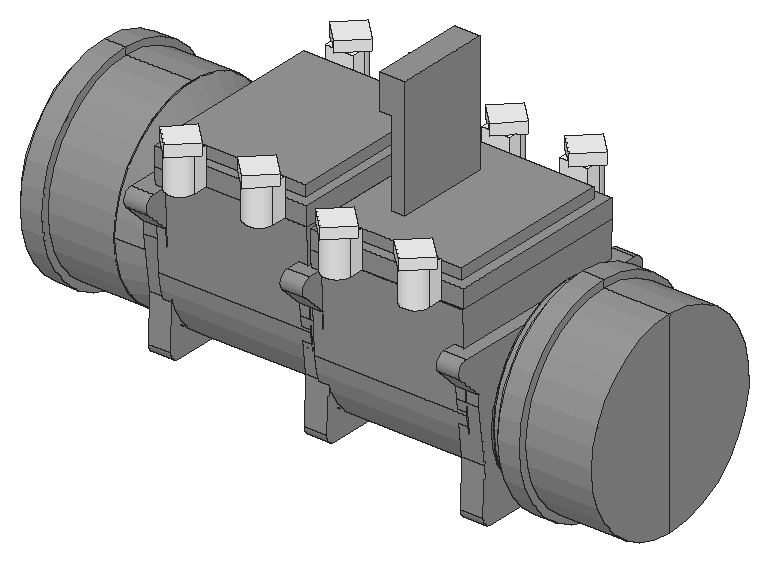
Revit family "HL_RU_Anti-flooding valve_HL720.2-A-171212", category Příslušenství trubek, Revit 2021
Family settings
  Kóta kulaté spojky = Použít průměr
  Typ dílu = Normální
  Číslo OmniClass = 23.65.55.14.21
  Nadpis OmniClass = Non-Return Valves for Liquid Services
  Založené na pracovní rovině = Ne
  Vždy vertikální = Ano
  Ořezat dutým tvarem při načtení = Ne
  Sdílené = Ne
Parameters (values of type "HL_Механический канализационный затвор_HL720.2")
  РАЗМЕР = "DN200"
  ПРОПУСКНАЯ СПОСОБНОСТЬ [instance] = 0.0 m³/h
  ПРАВОВАЯ ИНФОРМАЦИЯ = "\"Авторские права(©), права на дизайн или какие либо другие права интелектуальной собственности являются исключительной собственностью компании HL Hutterer & Lechner. Изменению не подлежит. Файл семейства с данными о прозводителе изделия защищен паролем с водяным знаком.\""
  ПАДЕНИЕ ДАВЛЕНИЯ [instance] = 0.0 Pa
  НОМИНАЛЬНЫЙ ДИАМЕТР 2 = 200 mm
  НОМИНАЛЬНЫЙ ДИАМЕТР = 200 mm
  МАТЕРИАЛ = "ABS"
  ВЫСОТА МОНТАЖА = "350 mm"
  ВЕС = "6,17 kg"
  Výrobce = "HL Hutterer & Lechner GmbH"
  Výchozí výška = 0 mm
  URL = "http://www.hutterer-lechner.com/ru/products/catalog/roof-drains/HL720.2.aspx"
  Popis = "Механический канализационный затвор"
  Model = "HL720.2"
  Komentáře k typům = "Канализационный затвор DN200 с двумя заслонками из нержавеющей стали, ручным затвором."
  Keynote = "HL720.2"
  EAN = "9003076972029"
  Cena = 0
Types (2, lengths in mm): name | URL | Popis | Komentáře k typům
  (no name) | "http://www.hutterer-lechner.com/en/products/catalog/roof-drains/HL720.2.aspx" | "Anti flood valves" | "anti-flood valve DN200 with 2 stainless steel flap and manual blocking"
  HL_Механический канализационный затвор_HL720.2 | "http://www.hutterer-lechner.com/ru/products/catalog/roof-drains/HL720.2.aspx" | "Механический канализационный затвор" | "Канализационный затвор DN200 с двумя заслонками из нержавеющей стали, ручным затвором."
Values of the unnamed type that differ from the named types
  ПРАВОВАЯ ИНФОРМАЦИЯ = "\"Copyright (©), design rights or any other intellectual property rights, shall be the exclusive property of HL Hutterer & Lechner GmbH. Modification is not allowed. Family has been watermarked.\""
Reference planes
  plane 1 "Střed (vpředu/vzadu)": y = 0
  plane 2: z = 0
  plane 3 "Střed (vlevo/vpravo)": x = 0
Forms (mm)
  Extrusion 1, solid, material "Plastic - Orange", detail levels fine
    sketch origin (294, 0, 90.92) x (1, 0, 0) y (0, 1, 0)
      loop
        line (70, -88.309) -> (70, 88.309) -> (-73, 88.309) -> (-73, -88.309) -> (70, -88.309)
    from -12 to 0
  Extrusion 2, solid, material "Plastic - Orange", detail levels fine
    sketch origin (294, 0, 78.92) x (0, 1, 0) y (1, 0, 0)
      loop
        line (99.13, -83) -> (99.13, 80) -> (-98.87, 80) -> (-98.87, -83) -> (99.13, -83)
    from 0 to 20
  Sweep 3, solid, material "Plastic - Orange", detail levels fine
    path origin (294, 0, 90.92) x (1, 0, 0) y (0, 0, 1)
      loop
        line (80, -32) -> (-83, -32)
    profile origin (292.5, 0, 58.92) x (0, 0, -1) y (0, -1, 0)
      loop
        line (0, -99.13) -> (104.005, -94.138)
        arc (104.005, -94.138) -> (166.421, -64.809) -> (189.998, 0) r 90.409
        arc (189.998, 0) -> (166.421, 64.809) -> (104.005, 94.138) r 90.409
        line (104.005, 94.138) -> (0, 99.13) -> (0, 0) -> (0, -99.13)
  Extrusion 4, solid, material "Plactic - White", detail levels fine
    sketch origin (294, 0, 90.92) x (1, 0, 0) y (0, 1, 0)
      loop
        line (40.5, -136.497) -> (63.127, -113.87) -> (40.5, -91.242) -> (17.873, -113.87) -> (40.5, -136.497)
    from 7.235 to 19.235
  Extrusion 5, solid, material "Plactic - White", detail levels fine
    sketch origin (294, 0, 98.155) x (0, 1, 0) y (1, 0, 0)
      loop
        arc (-113.87, 55.5) -> (-128.87, 40.5) -> (-113.87, 25.5) r 15
        line (-113.87, 25.5) -> (-98.52, 25.5) -> (-98.52, 55.5) -> (-113.87, 55.5)
    from 0 to 39.235
  Extrusion 6, solid, material "Plactic - White", detail levels fine
    sketch origin (210, 0, 90.92) x (1, 0, 0) y (0, 1, 0)
      loop
        line (40.5, -136.497) -> (63.127, -113.87) -> (40.5, -91.242) -> (17.873, -113.87) -> (40.5, -136.497)
    from 7.235 to 19.235
  Extrusion 7, solid, material "Plactic - White", detail levels fine
    sketch origin (210, 0, 98.155) x (0, 1, 0) y (1, 0, 0)
      loop
        arc (-113.87, 55.5) -> (-128.87, 40.5) -> (-113.87, 25.5) r 15
        line (-113.87, 25.5) -> (-98.52, 25.5) -> (-98.52, 55.5) -> (-113.87, 55.5)
    from 0 to 39.235
  Extrusion 8, solid, material "Plactic - White", detail levels fine
    sketch origin (294, 0, 90.92) x (1, 0, 0) y (0, 1, 0)
      loop
        line (40.5, 136.497) -> (17.873, 113.87) -> (40.5, 91.242) -> (63.127, 113.87) -> (40.5, 136.497)
    from 7.235 to 19.235
  Extrusion 9, solid, material "Plactic - White", detail levels fine
    sketch origin (294, 0, 98.155) x (0, -1, 0) y (1, 0, 0)
      loop
        arc (-113.87, 55.5) -> (-128.87, 40.5) -> (-113.87, 25.5) r 15
        line (-113.87, 25.5) -> (-98.52, 25.5) -> (-98.52, 55.5) -> (-113.87, 55.5)
    from 0 to 39.235
  Extrusion 10, solid, material "Plactic - White", detail levels fine
    sketch origin (210, 0, 90.92) x (1, 0, 0) y (0, 1, 0)
      loop
        line (40.5, 136.497) -> (17.873, 113.87) -> (40.5, 91.242) -> (63.127, 113.87) -> (40.5, 136.497)
    from 7.235 to 19.235
  Extrusion 11, solid, material "Plactic - White", detail levels fine
    sketch origin (210, 0, 98.155) x (0, -1, 0) y (1, 0, 0)
      loop
        arc (-113.87, 55.5) -> (-128.87, 40.5) -> (-113.87, 25.5) r 15
        line (-113.87, 25.5) -> (-98.52, 25.5) -> (-98.52, 55.5) -> (-113.87, 55.5)
    from 0 to 39.235
  Extrusion 12, solid, material "Plastic - Orange", detail levels fine
    sketch origin (294, 0, 90.92) x (0, 1, 0) y (0, 0, 1)
      loop
        arc (-112.5, -69.599) -> (-121.739, -75.772) -> (-119.571, -86.67) r 10
        line (-119.571, -86.67) -> (-96.14, -110.101) -> (-95.533, -122.745) -> (-88.249, -181.291) -> (-90.006, -231.593)
        arc (-90.006, -231.593) -> (-87.075, -238.668) -> (-80, -241.599) r 10.006
        line (-80, -241.599) -> (0, -241.599) -> (80, -241.599)
        arc (80, -241.599) -> (87.075, -238.668) -> (90.006, -231.593) r 10.006
        line (90.006, -231.593) -> (88.249, -181.291) -> (95.533, -122.745) -> (96.14, -110.101) -> (119.571, -86.67)
        arc (119.571, -86.67) -> (121.739, -75.772) -> (112.5, -69.599) r 10
        line (112.5, -69.599) -> (0, -69.599) -> (-112.5, -69.599)
    from 70 to 94
  Blend 13, solid, material "Plastic - Orange", detail levels fine
    base sketch origin (294, 0, 67.88) x (0, 1, 0) y (0, 0, -1)
      loop
        circle (0, 111.5) r 100
    top sketch origin (294, 0, 67.88) x (0, 1, 0) y (0, 0, -1)
      loop
        circle (0, 129) r 80
    from -112.862 to -94
  Extrusion 14, solid, material "Plastic - Orange", not visible, detail levels fine
    sketch origin (406.862, 0, 52.592) x (0, -1, 0) y (0, 0, -1)
      loop
        circle (0, 96.212) r 100
    from 0 to 109.138
  Extrusion 15, solid, material "Plastic - Red", detail levels fine
    sketch origin (294, 0.5, 90.92) x (1, 0, 0) y (0, 0, 1)
      loop
        line (-22.5, 128.65) -> (-49, 128.65) -> (-49, 91.15) -> (-36.5, 91.15) -> (-36.5, 0) -> (-22.5, 0) -> (-22.5, 128.65)
    from -50 to 50
  Extrusion 16, solid, material "Plastic - Orange", detail levels fine
    sketch origin (127, 0, 111.5) x (1, 0, 0) y (0, 1, 0)
      loop
        line (70, -88.309) -> (70, 88.309) -> (-73, 88.309) -> (-73, -88.309) -> (70, -88.309)
    from -12 to 0
  Extrusion 17, solid, material "Plastic - Orange", detail levels fine
    sketch origin (127, 0, 99.5) x (0, 1, 0) y (1, 0, 0)
      loop
        line (99.13, -83) -> (99.13, 80) -> (-98.87, 80) -> (-98.87, -83) -> (99.13, -83)
    from 0 to 20
  Sweep 18, solid, material "Plastic - Orange", detail levels fine
    path origin (127, 0, 111.5) x (1, 0, 0) y (0, 0, 1)
      loop
        line (80, -32) -> (-83, -32)
    profile origin (125.5, 0, 79.5) x (0, 0, -1) y (0, -1, 0)
      loop
        line (0, -99.13) -> (104.005, -94.138)
        arc (104.005, -94.138) -> (166.421, -64.809) -> (189.998, 0) r 90.409
        arc (189.998, 0) -> (166.421, 64.809) -> (104.005, 94.138) r 90.409
        line (104.005, 94.138) -> (0, 99.13) -> (0, 0) -> (0, -99.13)
  Extrusion 19, solid, material "Plastic - Orange", detail levels fine
    sketch origin (127, 0, 111.5) x (0, 1, 0) y (0, 0, 1)
      loop
        arc (-112.5, -69.599) -> (-121.739, -75.772) -> (-119.571, -86.67) r 10
        line (-119.571, -86.67) -> (-96.14, -110.101) -> (-95.533, -122.745) -> (-88.249, -181.291) -> (-90.006, -231.593)
        arc (-90.006, -231.593) -> (-87.075, -238.668) -> (-80, -241.599) r 10.006
        line (-80, -241.599) -> (0, -241.599) -> (80, -241.599)
        arc (80, -241.599) -> (87.075, -238.668) -> (90.006, -231.593) r 10.006
        line (90.006, -231.593) -> (88.249, -181.291) -> (95.533, -122.745) -> (96.14, -110.101) -> (119.571, -86.67)
        arc (119.571, -86.67) -> (121.739, -75.772) -> (112.5, -69.599) r 10
        line (112.5, -69.599) -> (0, -69.599) -> (-112.5, -69.599)
    from 70 to 94
  Extrusion 20, solid, material "Plastic - Orange", detail levels fine
    sketch origin (127, 0, 132.099) x (0, 1, 0) y (0, 0, 1)
      loop
        arc (-112.5, -69.599) -> (-121.739, -75.772) -> (-119.571, -86.67) r 10
        line (-119.571, -86.67) -> (-96.14, -110.101) -> (-95.533, -122.745) -> (-88.249, -181.291) -> (-90.006, -231.593)
        arc (-90.006, -231.593) -> (-87.075, -238.668) -> (-80, -241.599) r 10.006
        line (-80, -241.599) -> (0, -241.599) -> (80, -241.599)
        arc (80, -241.599) -> (87.075, -238.668) -> (90.006, -231.593) r 10.006
        line (90.006, -231.593) -> (88.249, -181.291) -> (95.533, -122.745) -> (96.14, -110.101) -> (119.571, -86.67)
        arc (119.571, -86.67) -> (121.739, -75.772) -> (112.5, -69.599) r 10
        line (112.5, -69.599) -> (0, -69.599) -> (-112.5, -69.599)
    from -97 to -73
  Revolve 21, solid, material "Plastic - Orange", detail levels fine
    sketch origin (127, 0, 111.5) x (1, 0, 0) y (0, 0, 1)
      loop
        line (-222, -111.5) -> (-122, -111.5) -> (-122, -6.5) -> (-193, -6.5) -> (-193, 0.981) -> (-215.833, 0.981) -> (-215.833, -6.5) -> (-222, -6.5) -> (-222, -111.5)
      axis (-122, -111.5) -> (-222, -111.5)
    angle from 0 to 360
  Blend 22, solid, material "Plastic - Orange", detail levels fine
    base sketch origin (127, 0, 111.5) x (0, 1, 0) y (0, 0, 1)
      loop
        circle (0, -111.5) r 105
    top sketch origin (127, 0, 111.5) x (0, 1, 0) y (0, 0, 1)
      loop
        circle (0, -129) r 80
    from -122 to -97
  Extrusion 23, solid, material "Plactic - White", detail levels fine
    sketch origin (127, 0, 111.519) x (1, 0, 0) y (0, 1, 0)
      loop
        line (40.5, -136.497) -> (63.127, -113.87) -> (40.5, -91.242) -> (17.873, -113.87) -> (40.5, -136.497)
    from 7.235 to 19.235
  Extrusion 24, solid, material "Plactic - White", detail levels fine
    sketch origin (127, 0, 118.754) x (0, 1, 0) y (1, 0, 0)
      loop
        arc (-113.87, 55.5) -> (-128.87, 40.5) -> (-113.87, 25.5) r 15
        line (-113.87, 25.5) -> (-98.52, 25.5) -> (-98.52, 55.5) -> (-113.87, 55.5)
    from 0 to 39.235
  Extrusion 25, solid, material "Plactic - White", detail levels fine
    sketch origin (43, 0, 111.519) x (1, 0, 0) y (0, 1, 0)
      loop
        line (40.5, -136.497) -> (63.127, -113.87) -> (40.5, -91.242) -> (17.873, -113.87) -> (40.5, -136.497)
    from 7.235 to 19.235
  Extrusion 26, solid, material "Plactic - White", detail levels fine
    sketch origin (43, 0, 118.754) x (0, 1, 0) y (1, 0, 0)
      loop
        arc (-113.87, 55.5) -> (-128.87, 40.5) -> (-113.87, 25.5) r 15
        line (-113.87, 25.5) -> (-98.52, 25.5) -> (-98.52, 55.5) -> (-113.87, 55.5)
    from 0 to 39.235
  Extrusion 27, solid, material "Plactic - White", detail levels fine
    sketch origin (127, 0, 111.519) x (1, 0, 0) y (0, 1, 0)
      loop
        line (40.5, 136.497) -> (17.873, 113.87) -> (40.5, 91.242) -> (63.127, 113.87) -> (40.5, 136.497)
    from 7.235 to 19.235
  Extrusion 28, solid, material "Plactic - White", detail levels fine
    sketch origin (127, 0, 118.754) x (0, 1, 0) y (1, 0, 0)
      loop
        line (113.87, 55.5) -> (98.52, 55.5) -> (98.52, 25.5) -> (113.87, 25.5)
        arc (113.87, 25.5) -> (128.87, 40.5) -> (113.87, 55.5) r 15
    from 0 to 39.235
  Extrusion 29, solid, material "Plactic - White", detail levels fine
    sketch origin (43, 0, 111.519) x (1, 0, 0) y (0, 1, 0)
      loop
        line (40.5, 136.497) -> (17.873, 113.87) -> (40.5, 91.242) -> (63.127, 113.87) -> (40.5, 136.497)
    from 7.235 to 19.235
  Extrusion 30, solid, material "Plactic - White", detail levels fine
    sketch origin (43, 0, 118.754) x (0, 1, 0) y (1, 0, 0)
      loop
        line (113.87, 55.5) -> (98.52, 55.5) -> (98.52, 25.5) -> (113.87, 25.5)
        arc (113.87, 25.5) -> (128.87, 40.5) -> (113.87, 55.5) r 15
    from 0 to 39.235
  Revolve 31, solid, material "Plastic - Orange", detail levels fine
    sketch origin (638, 0, 67.88) x (1, 0, 0) y (0, 0, 1)
      loop
        line (-231.138, -111.5) -> (-122, -111.5) -> (-122, -6.5) -> (-193, -6.5) -> (-193, 0.981) -> (-215.833, 0.981) -> (-215.833, -6.5) -> (-222, -6.5) -> (-222, -11.5) -> (-231.138, -11.5) -> (-231.138, -111.5)
      axis (-122, -111.5) -> (-231.138, -111.5)
    angle from 0 to 360
Lines and regions (mm)
  symbolic lines, style "Symbol", detail levels coarse+medium
    curve 1: line (516, 0, 0) -> (0, 0, 0)
    curve 2: line (383, -60, 0) -> (383, 60, 0)
    curve 3: line (383, 60, 0) -> (133, 60, 0)
    curve 4: line (133, -60, 0) -> (133, 60, 0)
    curve 9: line (258, -105, 0) -> (258, 105, 0)
    curve 10: line (383, -60, 0) -> (133, -60, 0)
  model lines, style "Symbol", detail levels coarse+medium
    curve 5: line (0, 0, 0) -> (516, 0, -34.981)
    curve 6: line (133, 0, -77.49) -> (133, 0, 42.51)
    curve 7: line (133, 0, 42.51) -> (383, 0, 42.51)
    curve 8: line (383, 0, -77.49) -> (383, 0, 42.51)
    curve 13: line (133, 0, -77.49) -> (383, 0, -77.49)
  model lines, detail levels coarse+medium
    curve 11: line (258, 0, -17.49) -> (258, 0, 87.51)
    curve 12: line (258, 0, -122.49) -> (258, 0, -17.49)
Dimensions and locks
  aligned and locked: level to plane 2
Connectors
  piping at (0, 0, 0), diameter 200, driven by "ПАДЕНИЕ ДАВЛЕНИЯ", driven by "НОМИНАЛЬНЫЙ ДИАМЕТР", driven by "ПРОПУСКНАЯ СПОСОБНОСТЬ"
    settings: on plane 3 "Střed (vlevo/vpravo)", index 1, connector inside diameter 609.6 mm, connector length 0 mm, flow factor 0, pipe flow 0.0 m³/h, pressure drop 0.0 Pa, fitting loss kfactor 0, connector angle 0.00°, fixture units 0, engagement length 0 mm, angle of deflection 0.00°, flow configuration 0, flow direction 0, fitting loss method 4, system type 16, joint type 0, gender type 0, connector reference index -1, connector utility 0, adjustable connector no, is connector primary yes, connector description ""
  piping at (516, 0, -43.62), diameter 200, driven by "НОМИНАЛЬНЫЙ ДИАМЕТР 2", driven by "ПРОПУСКНАЯ СПОСОБНОСТЬ"
    settings: on Extrusion 14, index 2, connector inside diameter 609.6 mm, connector length 0 mm, flow factor 0, pipe flow 0.0 m³/h, pressure drop 0.0 Pa, fitting loss kfactor 0, connector angle 0.00°, fixture units 0, engagement length 0 mm, angle of deflection 0.00°, flow configuration 1, flow direction 2, fitting loss method 4, system type 16, joint type 0, gender type 0, connector reference index -1, connector utility 0, adjustable connector no, is connector primary no, connector description ""
